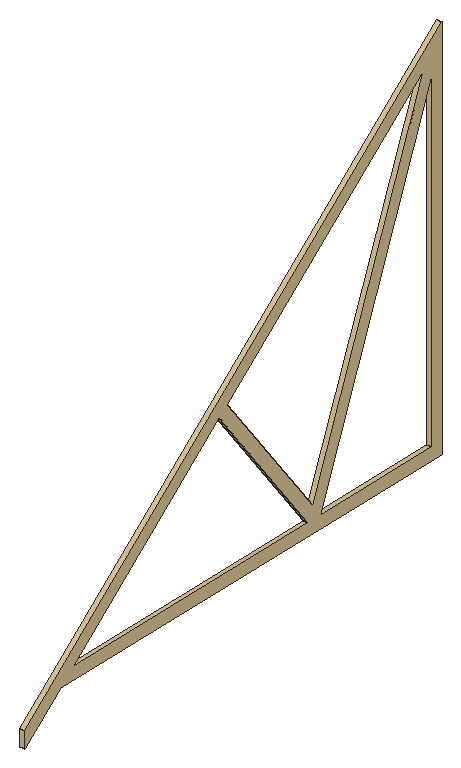
Revit family
Parameters
  Vertical Member Depth = 97 mm
  Truss Thickness = 38 mm
  Top Boom Depth = 97 mm
  Span = 3750 mm
  Pitch = 38.00°
  Overhang = 350 mm
  Material Truss = Wood - Timber
  Keynote = "G20/350"
  Int Boom Depth = 97 mm
  Bttm Boom Depth = 97 mm
Reference planes
  plane 1 "End1": y = 0
  plane 2: z = 0
  plane 3 "Center (Left/Right)": x = 0
  plane 4: y = 3750
  plane 5: y = 2500
  plane 6: y = -350
  plane 7: y = 1250
Forms (mm)
  Extrusion 1, solid, material "Wood - Timber" <- "Material Truss"
    sketch origin (0, 0, 0) x (0, 1, 0) y (0, 0, 1)
      loop
        line (-350, -273.45) -> (0, 0) -> (3750, 0) -> (3750, 3052.916) -> (-350, -150.355) -> (-350, -273.45)
      loop
        line (124.154, 97) -> (3653, 97) -> (3653, 2854.036) -> (124.154, 97)
    from 19 to -19
  Extrusion 2, solid, material "Wood - Timber" <- "Material Truss"
    sketch origin (0, 0, 0) x (0, 1, 0) y (0, 0, 1)
      loop
        line (2438.453, 97) -> (2552.57, 97) -> (3653, 2728.331) -> (3653, 2854.036) -> (3574.917, 2793.031) -> (2487.217, 192.139) -> (1637.68, 1279.496) -> (1561.243, 1219.777) -> (2438.453, 97)
    from 19 to -19
Cuts and joins
  joined: Extrusion 1, Extrusion 2
Lines and regions (mm)
  symbolic lines, style "InvisibleLines"
    curve 1: line (0, 0, 0) -> (0, 4334.059, 3386.138)
    curve 2: line (0, 2500, 97) -> (0, 1599.462, 1249.636)
  model lines, style "InvisibleLines"
    curve 3: line (0, 2500, 97) -> (0, 3653, 2854.036)
Dimensions and locks
  "Overhang": plane 6 to plane 1 "End1"
  "Top Boom Depth": Extrusion 1 sketch curve to Extrusion 1 sketch curve
  "Bttm Boom Depth": Extrusion 1 sketch curve to Extrusion 1 sketch curve
  locked: curve 2 to Extrusion 1 at 0
  locked: plane 5 to curve 2 at 0
  equal spacing: Extrusion 1, plane 3 "Center (Left/Right)", Extrusion 1
  "Truss Thickness": Extrusion 1 to Extrusion 1
  "Vertical Member Depth": Extrusion 1 sketch curve to plane 4
  equal spacing: plane 1 "End1", plane 7, plane 5, plane 4
  "Span": plane 1 "End1" to plane 4
  equal spacing: Extrusion 2 sketch curve, curve 2, Extrusion 2 sketch curve
  "Int Boom Depth": Extrusion 2 sketch curve to Extrusion 2 sketch curve  (x2)
  equal spacing: Extrusion 2 sketch curve, curve 3, Extrusion 2 sketch curve
  locked: cut or joined group of Extrusion 1, Extrusion 2 to curve 3 at 0
  "Pitch": angle level to curve 1
  locked: curve 2 to Extrusion 1 (angle 90.00°)
  aligned and locked: level to curve 1
  aligned and locked: Extrusion 1 sketch curve to curve 1
  aligned and locked: Extrusion 1 sketch curve to plane 6
  aligned and locked: Extrusion 1 sketch curve to level
  aligned and locked: Extrusion 1 sketch curve to Extrusion 1 sketch curve
  aligned and locked: curve 1 to curve 2
  aligned and locked: Extrusion 1 sketch curve to plane 4
  aligned and locked: Extrusion 1 to Extrusion 2 sketch curve  (x2)
  aligned and locked: Extrusion 2 sketch curve to Extrusion 1
  aligned and locked: curve 1 to Extrusion 2 sketch curve
  aligned and locked: Extrusion 1 to Extrusion 2  (x2)
Automatic sketch dimensions
  curve 1 to plane 1 "End1" = 0 mm
  curve 3 to plane 5 = 0 mm
  curve 3 to plane 4 = 97 mm
  level to curve 3 = 97 mm
